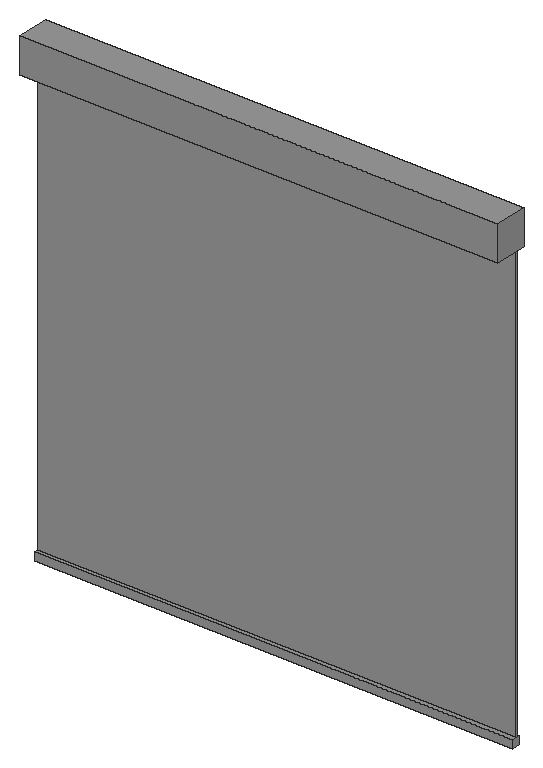
Revit family "dimozachitnay_stora_firetechnics_e120_bez_orachenia_vodoi", category Двери, Revit 2018
Family settings
  На основе рабочей плоскости = Да
  Всегда вертикально = Да
  При загрузке вырезать с полостями = Нет
  Общий = Нет
  Точка расчета площади = Нет
Parameters (values of type "Дымозащитная штора E120 (без орошения)")
  Штора открыто [instance] = yes
  Ширина, макс. = "5м"  # constant formula
  Ширина короба [instance] = ADSK_Размер_Ширина  # 3000 mm
  Width = 0 mm  # constant formula
  Толщина = 0 mm  # constant formula
  Скорость опускания шторы = "0.15м/c"  # constant formula
  Расстояние от уровня пола до низа полотна шторы [instance] = 2000 mm  # constant formula
  Расстояние от уровня чистого пола до потолка [instance] = 5000 mm
  Разработано = "Support@bimlib.ru"  # constant formula
  Rough Width = 0 mm  # constant formula
  Rough Height = 0 mm  # constant formula
  Default Elevation = 1219.2 mm
  Материал_Короба = Сталь_оцинкованная_листовая Firetechnics
  Материал_ Шторы = Firetex™ 600
  Изготовитель = "Firetechnics"  # constant formula
  Глубина короба [instance] = if(Расстояние от уровня чистого пола до потолка < 4000 mm, 150 mm, 200 mm)  # 200 mm
  Высота, макс. = "6.5м"  # constant formula
  Высота короба [instance] = if(Расстояние от уровня чистого пола до потолка > 4000 mm, 220 mm, 150 mm)  # 220 mm
  Высота грузила = 50 mm  # constant formula
  Height = 0 mm  # constant formula
  Аналитическая конструкция = "<Нет>"
  URL = "https://www.fire-tec.ru/"
  ADSK_Размер_Ширина [instance] = 3000 mm
  ADSK_Размер_Высота [instance] = Расстояние от уровня чистого пола до потолка - Расстояние от уровня пола до низа полотна шторы - Высота короба  # 2780 mm
  ADSK_Примечание = ""
  ADSK_Предел огнестойкости = "120 минут"
  ADSK_Обозначение = ""
  ADSK_Наименование = "Противопожарная дымозащитная штора E120"
  ADSK_Масса_Текст = ""
  ADSK_URL страницы изделия = "https://www.fire-tec.ru/catalog/protivopozharnye-shtory/dymozashitnye-shtory-e120/"
Reference planes
  plane 1 "По центру (Вперед/Назад)": y = 0
  plane 2: z = 0
  plane 3 "По центру (Влево/Вправо)": x = 0
  plane 4: y = 200
  plane 5: x = 1000
  plane 6: x = -1000
  plane 7: y = 142.749
  plane 8: y = 141.749
  plane 9: x = 1500
  plane 10: x = -1500
  plane 11: z = 4780
  plane 12: z = 2050
  plane 13: z = 2000
  plane 14: z = 5000
  plane 15: y = 114.467
  plane 16: y = 164.467
Forms (mm)
  Extrusion 1, solid, material "Сталь_оцинкованная_листовая Firetechnics" <- "Материал_Короба"
    sketch origin (0, 0, 2680) x (1, 0, 0) y (0, 1, 0)
      loop
        line (-1500, 200) -> (-1500, 0) -> (1500, 0) -> (1500, 200) -> (-1500, 200)
    from 2100 to 2320
  Extrusion 2, solid, material "Firetex™ 600" <- "Материал_ Шторы", visible <- "Штора открыто"
    sketch origin (0, 0, 2680) x (1, 0, 0) y (0, 1, 0)
      loop
        line (-1500, 142.749) -> (-1500, 141.749) -> (1500, 141.749) -> (1500, 142.749) -> (-1500, 142.749)
    from 2100 to -630
  Extrusion 3, solid, material "Сталь_оцинкованная_листовая Firetechnics" <- "Материал_Короба", visible <- "Штора открыто"
    sketch origin (0, 0, 2680) x (1, 0, 0) y (0, 0, 1)
      loop
        line (-1500, -630) -> (-1500, -680) -> (1500, -680) -> (1500, -630) -> (-1500, -630)
    from -164.467 to -114.467
Lines and regions (mm)
  symbolic lines
    curve 1: line (1500, 200, 0) -> (1500, 0, 0)
  symbolic lines, style "Doors"
    curve 2: line (-1500, 200, 0) -> (-1500, 0, 0)
    curve 3: line (1500, 132.115, 0) -> (-1500, 132.115, 0)
Dimensions and locks
  "Глубина короба": plane 1 "По центру (Вперед/Назад)" to plane 4
  plane 7 to plane 8 = 1 mm
  locked: plane 4 to plane 7 at 57.251
  equal spacing: plane 10, plane 3 "По центру (Влево/Вправо)", plane 9
  equal spacing: plane 9, plane 3 "По центру (Влево/Вправо)", plane 10
  "Высота грузила": plane 12 to plane 13
  "Высота короба": plane 14 to plane 11
  "Расстояние от уровня пола до низа полотна шторы": plane 13 to plane 2
  "ADSK_Размер_Высота": plane 11 to plane 13
  plane 14 to level = 5000 mm
  locked: plane 15 to plane 16 at 50
  locked: plane 16 to plane 4 at 35.533
  "Ширина короба": plane 10 to plane 9
  aligned and locked: level to plane 2
  aligned and locked: plane 10 to Extrusion 1 sketch curve
  aligned and locked: Extrusion 1 sketch curve to plane 9
  aligned and locked: Extrusion 1 to plane 11
  aligned and locked: plane 10 to Extrusion 2 sketch curve
  aligned and locked: Extrusion 2 sketch curve to plane 9
  aligned and locked: Extrusion 1 to Extrusion 2
  aligned and locked: Extrusion 2 to plane 12
  aligned and locked: Extrusion 3 sketch curve to Extrusion 2  (x2)
  aligned and locked: plane 13 to Extrusion 3 sketch curve
  aligned and locked: Extrusion 3 sketch curve to plane 9
  aligned and locked: Extrusion 1 to plane 14
  aligned and locked: plane 16 to Extrusion 3
  aligned and locked: Extrusion 3 to plane 15
Automatic sketch dimensions
  plane 1 "По центру (Вперед/Назад)" to Extrusion 1 sketch curve = 0 mm
  Extrusion 1 sketch curve to plane 4 = 0 mm
  Extrusion 2 sketch curve to plane 8 = 0 mm
  Extrusion 2 sketch curve to plane 7 = 0 mm
  plane 1 "По центру (Вперед/Назад)" to curve 1 = 0 mm
  curve 1 to plane 4 = 0 mm
  curve 2 to plane 4 = 0 mm
  plane 1 "По центру (Вперед/Назад)" to curve 2 = 0 mm
  curve 3 to plane 10 = 0 mm
  curve 3 to plane 9 = 0 mm
  curve 3 to plane 8 = 9.634 mm
